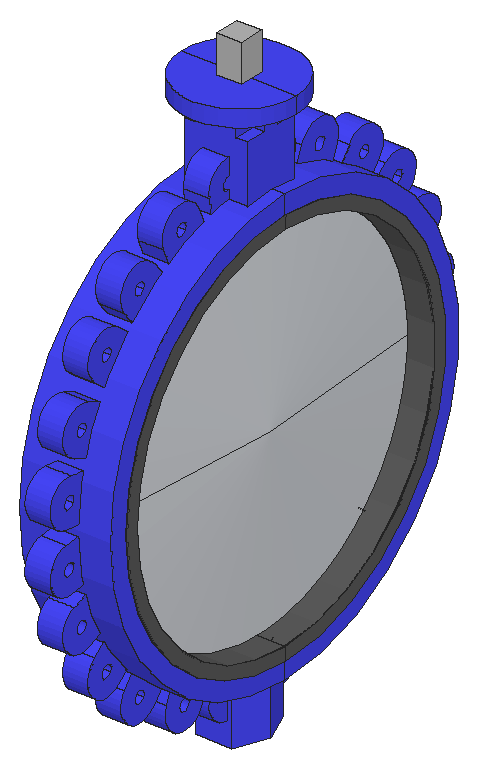
Revit family "931-20-001 DN700-750", category Pipe Accessories, Revit 2022
Family settings
  Round Connector Dimension = Use Diameter
  Part Type = Valve - Breaks Into
  Work Plane-Based = No
  Always vertical = Yes
  Cut with Voids When Loaded = No
  Shared = No
Parameters (values of type "DN700_PN16")
  wafer_fillet = wafer / 2  # 78.75 mm
  wafer_dim2 = size_lookup(Search_table, "wafer_dim2", 0 mm, DN)  # 157.5 mm
  wafer_dim1 = size_lookup(Search_table, "wafer_dim1", 0 mm, DN)  # 39.5 mm
  wafer_F = size_lookup(Search_table, "wafer_F", 0 mm, DN)  # 45 mm
  wafer = Actuator_Flange_R * 1.5  # 157.5 mm
  support = size_lookup(Search_table, "support", 0 mm, DN)  # 500 mm
  rubber = (D - Bore_R) / 2  # 23.25 mm
  hole1 = G / 2  # 23 mm
  disk22 = disk * 1.3  # 33.8 mm
  disk2 = size_lookup(Search_table, "disk2", 0 mm, DN)  # 681 mm
  disk11 = disk1 * 1.3  # 57.2 mm
  disk1 = size_lookup(Search_table, "disk1", 0 mm, DN)  # 44 mm
  disk = size_lookup(Search_table, "disk", 0 mm, DN)  # 26 mm
  base_dis = D * 1.18  # 467.87 mm
  base1 = C / 5  # 33 mm
  base = C * 0.7 / 2  # 57.75 mm
  URL_product_pages = "https://www.avkvalves.com/P.aspx?no=93170020010020200000"
  Slot_dim = size_lookup(Search_table, "Slot_dim", 0 mm, DN) / 2  # 42.5 mm
  Search_table = "931-20-001 DN700-750"
  PCD_R = size_lookup(Search_table, "PCD_R", 0 mm, DN)  # 420 mm
  Hole1 = size_lookup(Search_table, "Hole1", 0 mm, DN)  # 23 mm
  Hole = G * 1.1  # 50.6 mm
  H = size_lookup(Search_table, "H", 0 mm, DN) / 2  # 105 mm
  G = size_lookup(Search_table, "G", 0 mm, DN)  # 46 mm
  Flange_T = size_lookup(Search_table, "Flange_T", 0 mm, DN)  # 39.5 mm
  Flange_R = size_lookup(Search_table, "Flange_R", 0 mm, DN)  # 410 mm
  F = size_lookup(Search_table, "F", 0 mm, DN)  # 68 mm
  E = size_lookup(Search_table, "E", 0 mm, DN)  # 565 mm
  Description_ = "AVK BUTTERFLY VALVE, LUG, PN10/16"
  Default Elevation = 0 mm
  DN750_PN16 = "931-750-20-020020200000"
  DN750_PN10 = "931-750-20-010020200000"
  DN700_PN16 = "931-700-20-020020200000"
  DN700_PN10 = "931-700-20-010020200000"
  DN = 700.1 mm
  DISK = 0 mm
  D = size_lookup(Search_table, "D", 0 mm, DN) / 2  # 396.5 mm
  C = size_lookup(Search_table, "C", 0 mm, DN)  # 165 mm
  Bore_R = size_lookup(Search_table, "Bore_R", 0 mm, DN)  # 350 mm
  Body_thickness = B1 * 1.05  # 358.575 mm
  Body_dim1 = C * 0.7  # 115.5 mm
  Body_dim = Actuator_Flange_R * 0.5  # 52.5 mm
  Body_Thickness = size_lookup(Search_table, "Body_Thickness", 0 mm, DN)  # 2 mm
  B1 = B + 1 mm  # 341.5 mm
  B = size_lookup(Search_table, "B", 0 mm, DN) / 2  # 340.5 mm
  Actuator_Flange_R = size_lookup(Search_table, "Actuator_Flange_R", 0 mm, DN) / 2  # 105 mm
  Actuator_FL_T = size_lookup(Search_table, "Actuator_FL_T", 0 mm, DN)  # 30 mm
  2 = 3 mm  # constant formula
  1 = 1 mm  # constant formula
Types (5, lengths in mm): name | wafer_dim1 | wafer_F | support | rubber | disk22 | disk2 | disk | base_dis | Slot_dim | PCD_R | Hole1 | Flange_T | Flange_R | E | DN | D | Bore_R | Body_thickness | B1 | B
  (no name) | 39.5 | 45 | 500 | 23.25 | 33.8 | 681 | 26 | 467.87 | 42.5 | 420 | 23 | 39.5 | 410 | 565 | 700.1 | 396.5 | 350 | 358.575 | 341.5 | 340.5
  DN700_PN10 | 32.5 | 45 | 500 | 23.25 | 32.5 | 681 | 25 | 467.87 | 42.5 | 420 | 23 | 32.5 | 410 | 565 | 700 | 396.5 | 350 | 358.575 | 341.5 | 340.5
  DN700_PN16 | 39.5 | 45 | 500 | 23.25 | 33.8 | 681 | 26 | 467.87 | 42.5 | 420 | 23 | 39.5 | 410 | 565 | 700.1 | 396.5 | 350 | 358.575 | 341.5 | 340.5
  DN750_PN10 | 39.5 | 46 | 510 | 31.25 | 33.8 | 743 | 26 | 516.25 | 45 | 470 | 24 | 39.5 | 430 | 584 | 750 | 437.5 | 375 | 391.125 | 372.5 | 371.5
  DN750_PN16 | 39.5 | 46 | 510 | 31.25 | 33.8 | 743 | 26 | 516.25 | 45 | 470 | 24 | 39.5 | 425 | 584 | 750.1 | 437.5 | 375 | 391.125 | 372.5 | 371.5
Reference planes
  plane 1 "Center (Front/Back)": y = 0
  plane 2: z = 0
  plane 3 "Center (Left/Right)": x = 0
  plane 4: z = 227.5
  plane 5: x = -82.5
  plane 6: x = 82.5
  plane 7: z = 340.5
  plane 8: z = 565
  plane 9: z = 633
  plane 10: x = -23
  plane 11: x = 23
  plane 12: z = -170.25
  plane 13: z = 170.25
  plane 14: y = 23
  plane 15: y = -23
  plane 16: y = 23
  plane 17: y = -23
  plane 18: x = -57.75
  plane 19: x = 57.75
  plane 20: y = 52.5
  plane 21: y = -52.5
  plane 22: z = 535
  plane 23: z = 396.5
  plane 24: z = 342.5
  plane 25: z = 535
  plane 26: x = -85.5
  plane 27: x = 85.5
  plane 28: x = -105
  plane 29: x = 105
  plane 30: z = 340.5
  plane 31: z = -340.5
  plane 32: z = -340.5
  plane 33: z = 340.5
  plane 34: x = -23
  plane 35: x = 23
  plane 36: y = 57.75
  plane 37: y = -57.75
  plane 38: x = -12.469
  plane 39: x = 12.469
  plane 40: z = 396.5
  plane 41: z = -396.5
  plane 42: through (0, 0.01, 0.001) normal (0, 0.1305, 0.9914)
  plane 43: through (0, 0, 0.003) normal (0, 0.9914, -0.1305)
  plane 44: through (0, 0.01, -0.001) normal (0, -0.1305, 0.9914)
  plane 45: through (0, 0, -0.003) normal (0, -0.9914, -0.1305)
  plane 46: through (0, 0.007, -0.005) normal (0, 0.3827, 0.9239)
  plane 47: through (0, 0, -0.003) normal (0, 0.9239, -0.3827)
  plane 48: through (0, 0.007, 0.005) normal (0, -0.3827, 0.9239)
  plane 49: through (0, 0, 0.003) normal (0, -0.9239, -0.3827)
  plane 50: through (0, 0, -0.003) normal (0, 0.3827, -0.9239)
  plane 51: through (0, 0.002, -0.002) normal (0, 0.9239, 0.3827)
  plane 52: through (0, 0, -0.003) normal (0, -0.3827, -0.9239)
  plane 53: through (0, 0.002, 0.002) normal (0, 0.9239, -0.3827)
  plane 54: through (0, 0.001, 0) normal (0, 0.9914, -0.1305)
  plane 55: through (0, -0.001, 0) normal (0, 0.9914, 0.1305)
  plane 56: through (0, 0, -0.003) normal (0, 0.9239, -0.3827)
  plane 57: through (0, 0, -0.003) normal (0, 0.9239, 0.3827)
  plane 58: through (0, 2.426, 3.212) normal (0, 0.7934, -0.6088)
  plane 59: through (0, -2.426, 3.212) normal (0, 0.7934, 0.6088)
  plane 60: through (0, 0, -0.003) normal (0, 0.6157, -0.788)
  plane 61: through (0, 0, -0.003) normal (0, 0.6157, 0.788)
  plane 62: through (0, 0, 0.003) normal (0, 0.1305, 0.9914)
  plane 63: through (0, 0, -0.003) normal (0, 0.1305, -0.9914)
  plane 64: through (0, 0.004, 0.006) normal (0, -0.9304, 0.3665)
  plane 65: through (0, 0, -0.003) normal (0, 0.3665, 0.9304)
Forms (mm)
  Revolve 1, solid, material "Default Roof"
    sketch origin (0, 0, 0) x (1, 0, 0) y (0, 0, 1)
      loop
        line (-82.5, 341.5) -> (82.5, 341.5) -> (82.5, 396.5) -> (-82.5, 396.5) -> (-82.5, 341.5)
      axis (-82.5, 0) -> (82.5, 0)
    angle from 0 to 360
  Revolve 2, solid, material "Default Roof"
    sketch origin (0, 0, 0) x (1, 0, 0) y (0, 0, 1)
      loop
        line (0, 565) -> (0, 535) -> (105, 535) -> (105, 565) -> (0, 565)
      axis (0, 565) -> (0, 535)
    angle from 0 to 360
  Extrusion 3, solid, material "Default Wall"
    sketch origin (0, 0, 0) x (1, 0, 0) y (0, 0, 1)
      loop
        line (-23, 633) -> (-23, 565) -> (23, 565) -> (23, 633) -> (-23, 633)
    from -23 to 23
  Extrusion 4, solid, material "Default Roof"
    sketch origin (0, 0, 0) x (1, 0, 0) y (0, 0, 1)
      loop
        line (-57.75, 535) -> (-57.75, 340.5) -> (57.75, 340.5) -> (57.75, 535) -> (-57.75, 535)
    from -52.5 to 52.5
  Extrusion 5, void
    sketch origin (0, 0, 0) x (0, 1, 0) y (0, 0, 1)
      loop
        line (52.5, 535) -> (13, 535) -> (13, 495.5) -> (52.5, 495.5) -> (52.5, 535)
      loop
        line (-13, 535) -> (-52.5, 535) -> (-52.5, 495.5) -> (-13, 495.5) -> (-13, 535)
    from 36.5 to 82.5
  Extrusion 6, void
    sketch origin (0, 0, 0) x (0, 1, 0) y (0, 0, 1)
      loop
        line (13, 495.5) -> (52.5, 495.5) -> (52.5, 535) -> (13, 535) -> (13, 495.5)
      loop
        line (-13, 535) -> (-52.5, 535) -> (-52.5, 495.5) -> (-13, 495.5) -> (-13, 535)
    from -82.5 to -36.5
  Revolve 7, solid, material "Default"
    sketch origin (0, 0, 0) x (1, 0, 0) y (0, 0, 1)
      loop
        line (-85.5, 363.75) -> (-85.5, 340.5) -> (85.5, 340.5) -> (85.5, 363.75) -> (82.5, 363.75) -> (82.5, 341.5) -> (-82.5, 341.5) -> (-82.5, 363.75) -> (-85.5, 363.75)
      axis (-85.5, 0) -> (85.5, 0)
    angle from 0 to 360
  Extrusion 8, solid, material "Default Roof"
    sketch origin (0, 0, 0) x (1, 0, 0) y (0, 1, 0)
      loop
        line (-57.75, 0) -> (-33, -57.75) -> (33, -57.75) -> (57.75, 0) -> (33, 57.75) -> (-33, 57.75) -> (-57.75, 0)
    from -500 to -343.5
  Revolve 9, solid
    sketch origin (0, 0, 0) x (1, 0, 0) y (0, 1, 0)
      loop
        line (-57.2, 0) -> (57.2, 0)
        arc (57.2, 0) -> (51.419, 170.657) -> (33.8, 340.5) r 2457.392
        line (33.8, 340.5) -> (-33.8, 340.5)
        arc (-33.8, 340.5) -> (-51.419, 170.657) -> (-57.2, 0) r 2457.392
      axis (-57.2, 0) -> (57.2, 0)
    angle from 0 to 360
  Extrusion 10, solid, material "Default Roof"
    sketch origin (0, 0, 0) x (0, -0.92388, 0.382683) y (0, -0.382683, -0.92388)
      loop
        line (-394.688, -149.758) -> (416.69, 67.65)
        arc (416.69, 67.65) -> (446.742, 119.701) -> (394.69, 149.753) r 42.5
        line (394.69, 149.753) -> (-416.688, -67.655)
        arc (-416.688, -67.655) -> (-446.74, -119.706) -> (-394.688, -149.758) r 42.5
      loop
        circle (-405.688, -108.706) r 11.5
      loop
        circle (405.69, 108.702) r 11.5
    from -23 to 23
  Extrusion 11, solid, material "Default Roof"
    sketch origin (0, 0, 0) x (0, -0.92388, -0.382683) y (0, 0.382683, -0.92388)
      loop
        arc (-394.688, 149.758) -> (-446.74, 119.706) -> (-416.688, 67.655) r 42.5
        line (-416.688, 67.655) -> (394.69, -149.753)
        arc (394.69, -149.753) -> (446.742, -119.701) -> (416.69, -67.65) r 42.5
        line (416.69, -67.65) -> (-394.688, 149.758)
      loop
        circle (-405.688, 108.706) r 11.5
      loop
        circle (405.69, -108.702) r 11.5
    from -23 to 23
  Extrusion 12, solid, material "Default Roof"
    sketch origin (0, 0, 0) x (0, -0.92388, 0.382683) y (0, -0.382683, -0.92388)
      loop
        line (-420.001, -42.498) -> (419.999, -42.498)
        arc (419.999, -42.498) -> (462.499, 0.002) -> (419.999, 42.502) r 42.5
        line (419.999, 42.502) -> (-420.001, 42.502)
        arc (-420.001, 42.502) -> (-462.501, 0.002) -> (-420.001, -42.498) r 42.5
      loop
        circle (-420.001, 0.002) r 11.5
      loop
        circle (419.999, 0.002) r 11.5
    from -23 to 23
  Extrusion 13, solid, material "Default Roof"
    sketch origin (0, 0, 0) x (0, -0.92388, -0.382683) y (0, 0.382683, -0.92388)
      loop
        arc (-420.001, 42.498) -> (-462.501, -0.002) -> (-420.001, -42.502) r 42.5
        line (-420.001, -42.502) -> (419.999, -42.502)
        arc (419.999, -42.502) -> (462.499, -0.002) -> (419.999, 42.498) r 42.5
        line (419.999, 42.498) -> (-420.001, 42.498)
      loop
        circle (-420.001, -0.002) r 11.5
      loop
        circle (419.999, -0.002) r 11.5
    from -23 to 23
  Extrusion 14, solid, material "Default Roof"
    sketch origin (0, 0, 0) x (0, -0.92388, 0.382683) y (0, -0.382683, -0.92388)
      loop
        arc (67.652, -416.691) -> (119.703, -446.744) -> (149.755, -394.692) r 42.5
        line (149.755, -394.692) -> (-67.653, 416.686)
        arc (-67.653, 416.686) -> (-119.704, 446.738) -> (-149.756, 394.686) r 42.5
        line (-149.756, 394.686) -> (67.652, -416.691)
      loop
        circle (108.703, -405.692) r 11.5
      loop
        circle (-108.705, 405.686) r 11.5
    from -23 to 23
  Extrusion 15, solid, material "Default Roof"
    sketch origin (0, 0, 0) x (0, -0.92388, 0.382683) y (0, -0.382683, -0.92388)
      loop
        line (327.035, -266.931) -> (-266.933, 327.04)
        arc (-266.933, 327.04) -> (-327.037, 327.04) -> (-327.037, 266.936) r 42.5
        line (-327.037, 266.936) -> (266.931, -327.035)
        arc (266.931, -327.035) -> (327.035, -327.035) -> (327.035, -266.931) r 42.5
      loop
        circle (296.983, -296.983) r 11.5
      loop
        circle (-296.985, 296.988) r 11.5
    from -23 to 23
  Extrusion 16, solid, material "Default Roof"
    sketch origin (0, 0, 0) x (0, -0.92388, 0.382683) y (0, -0.382683, -0.92388)
      loop
        arc (342.478, -246.84) -> (400.534, -231.284) -> (384.978, -173.228) r 42.5
        line (384.978, -173.228) -> (-342.511, 246.788)
        arc (-342.511, 246.788) -> (-400.568, 231.232) -> (-385.011, 173.176) r 42.5
        line (-385.011, 173.176) -> (342.478, -246.84)
      loop
        circle (363.728, -210.034) r 11.5
      loop
        circle (-363.761, 209.982) r 11.5
    from -23 to 23
  Extrusion 17, solid, material "Default Roof"
    sketch origin (0, 0, 0) x (0, -0.92388, 0.382683) y (0, -0.382683, -0.92388)
      loop
        line (246.806, -342.478) -> (-173.194, 384.984)
        arc (-173.194, 384.984) -> (-231.25, 400.54) -> (-246.806, 342.484) r 42.5
        line (-246.806, 342.484) -> (173.194, -384.978)
        arc (173.194, -384.978) -> (231.25, -400.534) -> (246.806, -342.478) r 42.5
      loop
        circle (210, -363.728) r 11.5
      loop
        circle (-210, 363.734) r 11.5
    from -23 to 23
  Extrusion 18, solid, material "Default Roof"
    sketch origin (0, 0.003, -0.003) x (0, -0.594823, -0.803857) y (0, 0.803857, -0.594823)
      loop
        line (-394.688, -149.758) -> (416.69, 67.65)
        arc (416.69, 67.65) -> (446.742, 119.701) -> (394.69, 149.753) r 42.5
        line (394.69, 149.753) -> (-416.688, -67.655)
        arc (-416.688, -67.655) -> (-446.74, -119.706) -> (-394.688, -149.758) r 42.5
      loop
        circle (-405.688, -108.706) r 11.5
      loop
        circle (405.69, 108.702) r 11.5
    from -23 to 23
  Extrusion 19, solid, material "Default Roof"
    sketch origin (0, 0, 0) x (0, -0.92388, 0.382683) y (0, -0.382683, -0.92388)
      loop
        line (-416.068, 71.284) -> (393.413, -153.205)
        arc (393.413, -153.205) -> (445.725, -123.608) -> (416.128, -71.296) r 42.5
        line (416.128, -71.296) -> (-393.352, 153.192)
        arc (-393.352, 153.192) -> (-445.664, 123.596) -> (-416.068, 71.284) r 42.5
      loop
        circle (404.77, -112.251) r 11.5
      loop
        circle (-404.71, 112.238) r 11.5
    from -23 to 23
  Extrusion 20, solid, material "Default Roof"
    sketch origin (0, 0, 0) x (0, -0.92388, 0.382683) y (0, -0.382683, -0.92388)
      loop
        arc (-243.833, -344.661) -> (-227.771, -402.579) -> (-169.853, -386.517) r 42.5
        line (-169.853, -386.517) -> (243.799, 344.609)
        arc (243.799, 344.609) -> (227.737, 402.528) -> (169.819, 386.465) r 42.5
        line (169.819, 386.465) -> (-243.833, -344.661)
      loop
        circle (-206.843, -365.589) r 11.5
      loop
        circle (206.809, 365.537) r 11.5
    from -23 to 23
  Extrusion 21, solid, material "Default Roof"
    sketch origin (0, 0, 0) x (0, -0.92388, 0.382683) y (0, -0.382683, -0.92388)
      loop
        line (-67.626, -416.71) -> (149.79, 394.698)
        arc (149.79, 394.698) -> (119.738, 446.75) -> (67.687, 416.698) r 42.5
        line (67.687, 416.698) -> (-149.73, -394.711)
        arc (-149.73, -394.711) -> (-119.678, -446.762) -> (-67.626, -416.71) r 42.5
      loop
        circle (-108.678, -405.711) r 11.5
      loop
        circle (108.738, 405.698) r 11.5
    from -23 to 23
Cuts and joins
  Extrusion 5, Extrusion 6 cuts Revolve 2
  Extrusion 5, Extrusion 6 cuts Extrusion 4
Dimensions and locks
  "B": plane 7 to level
  equal spacing: plane 6, plane 3 "Center (Left/Right)", plane 5
  "C": plane 6 to plane 5
  "E": plane 8 to level
  equal spacing: plane 11, plane 3 "Center (Left/Right)", plane 10
  "G": plane 11 to plane 10
  "F": plane 9 to plane 8
  equal spacing: plane 13, level, plane 12
  "B": plane 13 to plane 12
  "H": Revolve 2 sketch curve to plane 3 "Center (Left/Right)"
  "Actuator_FL_T": plane 8 to Revolve 2 sketch curve
  equal spacing: Extrusion 3 sketch curve, plane 3 "Center (Left/Right)", Extrusion 3 sketch curve
  equal spacing: plane 14, plane 1 "Center (Front/Back)", plane 15
  "G": plane 14 to plane 15
  equal spacing: plane 16, plane 1 "Center (Front/Back)", plane 17
  "G": plane 16 to plane 17
  equal spacing: Extrusion 4 sketch curve, plane 3 "Center (Left/Right)", Extrusion 4 sketch curve
  "Actuator_FL_T": plane 8 to Extrusion 4 sketch curve
  equal spacing: plane 19, plane 3 "Center (Left/Right)", plane 18
  "Body_dim1": plane 19 to plane 18
  equal spacing: plane 20, plane 1 "Center (Front/Back)", plane 21
  "Body_dim": plane 20 to plane 1 "Center (Front/Back)"
  "Actuator_FL_T": plane 8 to Extrusion 5 sketch curve
  "Flange_T": plane 20 to Extrusion 5 sketch curve
  "Actuator_FL_T": plane 8 to plane 22
  "Flange_T": plane 22 to Extrusion 5 sketch curve
  equal spacing: Extrusion 5 sketch curve, plane 1 "Center (Front/Back)", Extrusion 5 sketch curve
  "G": plane 6 to cut or joined group of Extrusion 4, Extrusion 5, Extrusion 6
  "G": cut or joined group of Extrusion 4, Extrusion 5, Extrusion 6 to plane 5
  equal spacing: Revolve 7 sketch curve, plane 3 "Center (Left/Right)", Revolve 7 sketch curve  (x2)
  "2": plane 5 to Revolve 7 sketch curve
  "B1": Revolve 1 sketch curve to level
  "D": plane 23 to level
  "rubber": Revolve 7 sketch curve to plane 7
  "Body_Thickness": plane 24 to plane 7
  "Actuator_FL_T": plane 8 to plane 25
  "Flange_T": plane 25 to cut or joined group of Extrusion 4, Extrusion 5, Extrusion 6
  equal spacing: cut or joined group of Extrusion 4, Extrusion 5, Extrusion 6, plane 1 "Center (Front/Back)", cut or joined group of Extrusion 4, Extrusion 5, Extrusion 6
  "Flange_T": plane 20 to cut or joined group of Extrusion 4, Extrusion 5, Extrusion 6
  equal spacing: plane 27, plane 3 "Center (Left/Right)", plane 26
  "2": plane 5 to plane 26
  plane 27 to plane 26 = 171 mm
  equal spacing: plane 29, plane 3 "Center (Left/Right)", plane 28
  "Actuator_Flange_R": plane 29 to plane 3 "Center (Left/Right)"
  equal spacing: plane 31, level, plane 30
  "disk2": plane 31 to plane 30
  "1": plane 30 to Revolve 7 sketch curve
  plane 6 to plane 5 = 165 mm  (x2)
  plane 28 to plane 29 = 210 mm
  equal spacing: plane 33, level, plane 32
  "disk2": plane 7 to plane 32
  equal spacing: plane 34, plane 3 "Center (Left/Right)", plane 35
  "G": plane 35 to plane 34
  equal spacing: plane 37, plane 1 "Center (Front/Back)", plane 36
  equal spacing: plane 38, plane 3 "Center (Left/Right)", plane 39
  equal spacing: Extrusion 8 sketch curve, plane 3 "Center (Left/Right)", Extrusion 8 sketch curve  (x3)
  "base": plane 1 "Center (Front/Back)" to plane 36
  "base": Extrusion 8 sketch curve to plane 3 "Center (Left/Right)"
  "base1": Extrusion 8 sketch curve to plane 3 "Center (Left/Right)"  (x2)
  "support": level to Extrusion 8
  "2": plane 32 to Extrusion 8
  equal spacing: plane 40, level, plane 41
  plane 40 to plane 41 = 793 mm
  "D": plane 40 to level
  plane 29 to plane 28 = 210 mm
  equal spacing: Revolve 9 sketch curve, plane 3 "Center (Left/Right)", Revolve 9 sketch curve  (x2)
  "disk11": Revolve 9 sketch curve to plane 3 "Center (Left/Right)"
  "disk22": Revolve 9 sketch curve to plane 3 "Center (Left/Right)"
  "B": plane 1 "Center (Front/Back)" to Revolve 9 sketch curve
  "Slot_dim": Extrusion 10 sketch curve to plane 42
  equal spacing: Extrusion 10 sketch curve, plane 43, Extrusion 10 sketch curve
  "PCD_R": Extrusion 10 sketch curve to plane 43
  "Slot_dim": Extrusion 11 sketch curve to plane 44
  equal spacing: Extrusion 11 sketch curve, plane 45, Extrusion 11 sketch curve
  "PCD_R": Extrusion 11 sketch curve to plane 45
  equal spacing: Extrusion 11 sketch curve, plane 44, Extrusion 11 sketch curve
  equal spacing: Extrusion 10 sketch curve, plane 42, Extrusion 10 sketch curve
  equal spacing: Extrusion 11, plane 1 "Center (Front/Back)", Extrusion 10
  equal spacing: Extrusion 10, plane 1 "Center (Front/Back)", Extrusion 11
  "Slot_dim": Extrusion 12 sketch curve to plane 46
  equal spacing: Extrusion 12 sketch curve, plane 46, Extrusion 12 sketch curve
  equal spacing: Extrusion 12 sketch curve, plane 47, Extrusion 12 sketch curve
  "PCD_R": plane 47 to Extrusion 12 sketch curve
  "Slot_dim": plane 48 to Extrusion 13 sketch curve
  equal spacing: Extrusion 13 sketch curve, plane 48, Extrusion 13 sketch curve
  equal spacing: Extrusion 13 sketch curve, plane 49, Extrusion 13 sketch curve
  "PCD_R": plane 49 to Extrusion 13 sketch curve
  equal spacing: Extrusion 13, plane 51, Extrusion 13
  Extrusion 12 to plane 1 "Center (Front/Back)" to Extrusion 12 = 430.53 mm, 430.529 mm
  "Slot_dim": Extrusion 14 sketch curve to plane 54
  equal spacing: Extrusion 14 sketch curve, plane 54, Extrusion 14 sketch curve
  equal spacing: Extrusion 14 sketch curve, plane 62, Extrusion 14 sketch curve
  "PCD_R": Extrusion 14 sketch curve to plane 62
  Extrusion 14 to level to Extrusion 14 = 458.909 mm, 458.904 mm
  "Slot_dim": Extrusion 15 sketch curve to plane 57
  equal spacing: Extrusion 15 sketch curve, plane 57, Extrusion 15 sketch curve
  "PCD_R": plane 50 to Extrusion 15 sketch curve
  "PCD_R": Extrusion 15 sketch curve to plane 50
  equal spacing: Extrusion 15, plane 50, Extrusion 15
  "Slot_dim": plane 59 to Extrusion 16 sketch curve
  equal spacing: Extrusion 16 sketch curve, plane 59, Extrusion 16 sketch curve
  equal spacing: Extrusion 16 sketch curve, plane 60, Extrusion 16 sketch curve
  "PCD_R": plane 60 to Extrusion 16 sketch curve
  equal spacing: Extrusion 16, plane 60, Extrusion 16
  "Slot_dim": Extrusion 17 sketch curve to plane 55
  equal spacing: Extrusion 17 sketch curve, plane 55, Extrusion 17 sketch curve
  "PCD_R": Extrusion 17 sketch curve to plane 63
  "PCD_R": plane 63 to Extrusion 17 sketch curve
  "Slot_dim": Extrusion 18 sketch curve to plane 64
  equal spacing: Extrusion 18 sketch curve, plane 65, Extrusion 18 sketch curve
  "PCD_R": Extrusion 18 sketch curve to plane 65
  equal spacing: Extrusion 18 sketch curve, plane 64, Extrusion 18 sketch curve
  equal spacing: Extrusion 18, plane 52, Extrusion 18
  equal spacing: Extrusion 19 sketch curve, plane 61, Extrusion 19 sketch curve
  "Slot_dim": plane 61 to Extrusion 19 sketch curve
  "PCD_R": Extrusion 19 sketch curve to plane 58
  "PCD_R": plane 58 to Extrusion 19 sketch curve
  Extrusion 17 to level to Extrusion 17 = 458.904 mm, 458.91 mm
  equal spacing: Extrusion 19, plane 58, Extrusion 19
  "Slot_dim": Extrusion 20 sketch curve to plane 60
  equal spacing: Extrusion 20 sketch curve, plane 60, Extrusion 20 sketch curve
  "PCD_R": plane 59 to Extrusion 20 sketch curve
  "PCD_R": Extrusion 20 sketch curve to plane 59
  equal spacing: Extrusion 20, plane 59, Extrusion 20
  "Slot_dim": plane 58 to Extrusion 21 sketch curve
  "PCD_R": plane 61 to Extrusion 21 sketch curve
  "PCD_R": Extrusion 21 sketch curve to plane 61
  equal spacing: Extrusion 21, plane 61, Extrusion 21
  "Hole1": diameter of Extrusion 10 sketch curve  (x2)
  "Hole1": diameter of Extrusion 11 sketch curve  (x2)
  "Hole1": diameter of Extrusion 12 sketch curve  (x2)
  "Hole1": diameter of Extrusion 13 sketch curve  (x2)
  "Hole1": diameter of Extrusion 14 sketch curve  (x2)
  "Hole1": diameter of Extrusion 15 sketch curve  (x2)
  "Hole1": diameter of Extrusion 16 sketch curve  (x2)
  "Hole1": diameter of Extrusion 17 sketch curve  (x2)
  "Hole1": diameter of Extrusion 18 sketch curve  (x2)
  "Hole1": diameter of Extrusion 19 sketch curve  (x2)
  "Hole1": diameter of Extrusion 20 sketch curve  (x2)
  "Hole1": diameter of Extrusion 21 sketch curve  (x2)
  angle level to plane 42 = 7.50°
  angle plane 44 to level = 7.50°
  angle level to plane 46 = 22.50°
  angle plane 48 to level = 22.50°
  angle plane 1 "Center (Front/Back)" to plane 54 = 7.50°
  angle plane 55 to plane 1 "Center (Front/Back)" = 7.50°
  angle level to plane 56 = 112.50°
  angle level to plane 57 = 67.5001°
  angle level to plane 58 = 127.50°
  angle plane 1 "Center (Front/Back)" to plane 60 = 52.00°
  angle plane 63 to level = 7.50°
  aligned and locked: level to plane 2
  aligned and locked: plane 5 to Revolve 1 sketch curve
  aligned and locked: plane 6 to Revolve 1 sketch curve
  aligned and locked: Revolve 1 sketch curve to level
  aligned and locked: plane 3 "Center (Left/Right)" to Revolve 2 sketch curve
  aligned and locked: Revolve 2 sketch curve to plane 8
  aligned and locked: Revolve 2 sketch curve to plane 3 "Center (Left/Right)"
  aligned and locked: plane 10 to Extrusion 3 sketch curve
  aligned and locked: plane 8 to Extrusion 3 sketch curve
  aligned and locked: Extrusion 3 sketch curve to plane 9
  aligned and locked: Extrusion 3 to plane 16
  aligned and locked: plane 17 to Extrusion 3
  aligned and locked: Extrusion 4 sketch curve to plane 18
  aligned and locked: plane 7 to Extrusion 4 sketch curve
  aligned and locked: Extrusion 4 to plane 20
  aligned and locked: Extrusion 4 to plane 21
  aligned and locked: Extrusion 5 sketch curve to plane 22
  aligned and locked: plane 21 to Extrusion 5 sketch curve
  aligned and locked: Extrusion 5 sketch curve to Extrusion 5 sketch curve
  aligned and locked: plane 6 to Extrusion 5
  aligned and locked: cut or joined group of Revolve 2, Extrusion 5, Extrusion 6 to Extrusion 6 sketch curve  (x2)
  aligned and locked: Extrusion 6 to plane 5
  aligned and locked: Revolve 7 sketch curve to Revolve 7 sketch curve
  aligned and locked: Revolve 7 sketch curve to level
  aligned and locked: Revolve 7 sketch curve to plane 5
  aligned and locked: Extrusion 6 to plane 20
  aligned and locked: Extrusion 6 to plane 21
  aligned and locked: Extrusion 5 to plane 20
  aligned and locked: cut or joined group of Extrusion 4, Extrusion 5, Extrusion 6 to cut or joined group of Extrusion 4, Extrusion 5, Extrusion 6
  aligned and locked: Revolve 7 sketch curve to plane 7
  aligned and locked: plane 36 to Extrusion 8 sketch curve
  aligned and locked: Extrusion 8 sketch curve to plane 37
  aligned and locked: plane 1 "Center (Front/Back)" to Revolve 9 sketch curve
  aligned and locked: Extrusion 10 to plane 10
  aligned and locked: plane 11 to Extrusion 10
  aligned and locked: Extrusion 12 to plane 10
  aligned and locked: Extrusion 12 to plane 11
  aligned and locked: Extrusion 15 to plane 10
  aligned and locked: Extrusion 15 to plane 11
  aligned and locked: Extrusion 14 to plane 10
  aligned and locked: Extrusion 14 to plane 11
  aligned and locked: Extrusion 16 to plane 10
  aligned and locked: Extrusion 16 to plane 11
  aligned and locked: Extrusion 17 to plane 10
  aligned and locked: Extrusion 17 to plane 11
  aligned and locked: Extrusion 19 to plane 10
  aligned and locked: Extrusion 19 to plane 11
  aligned and locked: Extrusion 20 to plane 10
  aligned and locked: Extrusion 20 to plane 11
  aligned and locked: Extrusion 21 to plane 10
  aligned and locked: Extrusion 21 to plane 11
  aligned and locked: plane 1 "Center (Front/Back)" to nested 1
Automatic sketch dimensions
  Extrusion 6 sketch curve to plane 21 = 0 mm
  Extrusion 6 sketch curve to plane 20 = 0 mm
  plane 17 to Extrusion 6 sketch curve = 10 mm
  plane 16 to Extrusion 6 sketch curve = 10 mm
  Extrusion 6 sketch curve to plane 25 = 39.5 mm  (x2)
  Revolve 1 sketch curve to plane 23 = 0 mm
  plane 10 to Revolve 1 sketch curve = 0.688 mm
  Revolve 1 sketch curve to plane 6 = 7.188 mm
  Revolve 2 sketch curve to Revolve 2 sketch curve = 2.849 mm
  Revolve 2 sketch curve to Revolve 2 sketch curve = 2 mm
  Extrusion 5 sketch curve to plane 20 = 0 mm
  plane 5 to Revolve 7 sketch curve = 1.194 mm
  Revolve 7 sketch curve to plane 29 = 28.711 mm
  plane 1 "Center (Front/Back)" to Extrusion 8 sketch curve = 0 mm  (x2)
  plane 1 "Center (Front/Back)" to Revolve 9 sketch curve = 0 mm
  Revolve 9 sketch curve to plane 1 "Center (Front/Back)" = 2.176 mm  (x2)
  Revolve 9 sketch curve to plane 28 = 8.672 mm
  Revolve 9 sketch curve to plane 6 = 1.366 mm
  Extrusion 10 sketch curve to Extrusion 10 sketch curve = 0 mm  (x4)
  Extrusion 10 sketch curve to plane 42 = 0 mm
  Extrusion 11 sketch curve to Extrusion 11 sketch curve = 0 mm  (x4)
  plane 44 to Extrusion 11 sketch curve = 0 mm
  Extrusion 12 sketch curve to Extrusion 12 sketch curve = 0 mm  (x4)
  Extrusion 13 sketch curve to Extrusion 13 sketch curve = 0 mm  (x4)
  Extrusion 14 sketch curve to Extrusion 14 sketch curve = 0 mm  (x4)
  plane 54 to Extrusion 14 sketch curve = 0 mm
  Extrusion 15 sketch curve to Extrusion 15 sketch curve = 0 mm  (x4)
  plane 57 to Extrusion 15 sketch curve = 0 mm
  Extrusion 16 sketch curve to Extrusion 16 sketch curve = 0 mm  (x4)
  Extrusion 17 sketch curve to Extrusion 17 sketch curve = 0 mm  (x4)
  plane 55 to Extrusion 17 sketch curve = 0 mm
  Extrusion 18 sketch curve to Extrusion 18 sketch curve = 0 mm  (x4)
  Extrusion 18 sketch curve to plane 64 = 0 mm
  Extrusion 19 sketch curve to Extrusion 19 sketch curve = 0 mm  (x4)
  Extrusion 20 sketch curve to Extrusion 20 sketch curve = 0 mm  (x4)
  plane 60 to Extrusion 20 sketch curve = 0 mm
  Extrusion 21 sketch curve to Extrusion 21 sketch curve = 0 mm  (x4)
  plane 58 to Extrusion 21 sketch curve = 0 mm  (x2)
Nested families
  nested 1: "logo medium-1" at (-57.75, 0, 445) x (0, -1, 0) z (-1, 0, 0), type "logo medium-1"
Connectors
  piping at (-85.5, 0, 0), diameter 700.1, driven by "DN"
    settings: on Revolve 7, index 1, connector inside diameter 609.6 mm, connector length 0 mm, flow factor 0, pipe flow 0.0 L/s, pressure drop 0.0 Pa, fitting loss kfactor 0, connector angle 0.00°, fixture units 0, engagement length 0 mm, angle of deflection 0.00°, flow configuration 0, flow direction 0, fitting loss method 0, system type 7, joint type 0, gender type 0, connector reference index -1, connector utility 0, adjustable connector no, is connector primary yes, connector description ""
  piping at (85.5, 0, 0), diameter 700.1, driven by "DN"
    settings: on Revolve 7, index 2, connector inside diameter 609.6 mm, connector length 0 mm, flow factor 0, pipe flow 0.0 L/s, pressure drop 0.0 Pa, fitting loss kfactor 0, connector angle 0.00°, fixture units 0, engagement length 0 mm, angle of deflection 0.00°, flow configuration 0, flow direction 0, fitting loss method 0, system type 7, joint type 0, gender type 0, connector reference index -1, connector utility 0, adjustable connector no, is connector primary no, connector description ""
Definition of nested family "logo medium-1"
  Parameters
    Default Elevation = 1219.2 mm
  Reference planes
    plane 1 "Center (Front/Back)": y = 0
    plane 2: z = 0
    plane 3 "Center (Left/Right)": x = 0
  Forms (mm)
    Extrusion 1, solid
      sketch origin (0, 0, 0) x (1, 0, 0) y (0, 1, 0)
        loop
          line (-1219.2, 1219.2) -> (-1219.2, -1219.2) -> (1219.2, -1219.2) -> (1219.2, 1219.2) -> (-1219.2, 1219.2)
      from 0 to -188.781
    Extrusion 2, solid
      sketch origin (0, 0, 0) x (1, 0, 0) y (0, 1, 0)
        loop
          line (-30.911, 14.607) -> (-12.952, 14.607) -> (-3.438, -8.594) -> (3.26, -8.594) -> (12.676, 14.607) -> (30.732, 14.607) -> (30.732, 20.529) -> (7.968, 20.529) -> (0, 0) -> (-8.195, 20.529) -> (-30.911, 20.529) -> (-30.911, 14.607)
        loop
          line (30.732, 6.453) -> (30.732, 12.569) -> (24.908, 12.569)
          arc (24.908, 12.569) -> (22.993, 7.075) -> (17.724, 4.608) r 7.492
          line (17.724, 4.608) -> (20.928, 12.569) -> (14.521, 12.569) -> (5.881, -8.594) -> (12.434, -8.594) -> (15.777, -0.405) -> (21.354, -8.594) -> (29.424, -8.594) -> (22.319, 0.649)
          arc (22.319, 0.649) -> (26.344, 2.972) -> (29.424, 6.453) r 14.456
          line (29.424, 6.453) -> (30.732, 6.453)
        loop
          line (-5.865, -8.594) -> (-14.796, 12.569) -> (-30.911, 12.569) -> (-30.911, 6.453) -> (-25.086, 6.453) -> (-30.911, -8.594) -> (-25.086, -8.594) -> (-23.728, -5.084) -> (-13.656, -5.084) -> (-12.175, -8.594) -> (-5.865, -8.594)
        loop
          line (-18.776, 7.618) -> (-21.494, 0) -> (-15.961, 0) -> (-18.776, 7.618)
      from 0 to 2
  Dimensions and locks
    aligned and locked: plane 2 to Extrusion 1
    aligned and locked: level to Extrusion 1
    aligned and locked: Extrusion 2 sketch curve to import instance  (x36)
